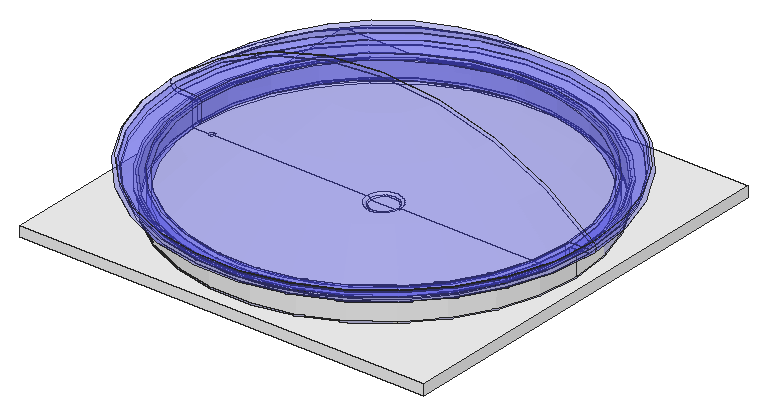
Revit family "BE_50017P_de_DE", category Leuchten, Revit 2020
Family settings
  Basisbauteil = Fläche
  Bemaßung runder Anschluss = Durchmesser verwenden
  Teiletyp = Normal
  Beim Laden mit Abzugskörper schneiden = Ja
  Lichtquelle = Ja
  Gemeinsam genutzt = Nein
  Raumberechnungspunkt = Ja
Parameters (values of type "BEGA_50017P_K4")
  built-in parameter 1150104 = 12.087 (stored number, unit not read)
  Wattage = 28.1 W
  Default Elevation = 0 mm
  built-in parameter 1150113 = 1 (stored number, unit not read)
  built-in parameter 1114218 = 1 (stored number, unit not read)
  Umgebungstemperatur = "25 °C"
  URL = "https://www.bega.com/de/produkt/50017P"
  Typenkommentare = "© 2022 BEGA. Wir behalten uns das Recht vor, technische Änderungen ohne vorherige Ankündigung vorzunehmen."  # constant formula
  built-in parameter 1150134 = (empty or 0)
  built-in parameter 1150109 = 1 (stored number, unit not read)
  Strom = ""
  built-in parameter 1150110 = 1 (stored number, unit not read)
  Spannung = 239.996 V
  Sonderanfertigung = no
  Seriennummer [instance] = "Hier können Sie die eindeutige Seriennummer für das Facility Management eintragen."
  Schutzklasse = "I"
  Schutzart = ""
  Scheinlast = 0 VA
  Produktdatenblatt = "http://www.bega.de/download/Xrfa/db/50017P.db.de.pdf"
  Oberflächentemperatur = ""
  Neigungswinkel = 0.00°
  Model = "50017PK2"
  Material_17 = BEGA_Reflektor
  Material_15 = BEGA_Leuchtmedium_matt
  Material_14 = BEGA_Kunststoff_opal
  Material_11 = BEGA_Glas_opal
  Material_09 = BEGA_Glas_klar
  Material_06 = BEGA_Oberfläche_Edelstahl_gebürstet
  Material_03 = BEGA_Oberfläche_Weiss_matt
  Material_02 = BEGA_Oberfläche_Silber_matt
  Material_01 [instance] = BEGA_Oberfläche_Grafit_matt
  M_W = no
  M_G = no
  M_A = no
  Logo = 0
  built-in parameter 1114217 = 1 (stored number, unit not read)
  built-in parameter 1150139 = (empty or 0)
  built-in parameter 1150105 = 1060.2 (stored number, unit not read)
  built-in parameter 1150114 = 1 (stored number, unit not read)
  Lumens = 3655.81 lm
  built-in parameter 1150115 = 1 (stored number, unit not read)
  Leuchtenlichtstrom = "2958 lm"
  Leuchtenanzahl = ""
  Lebensdauerkriterien = "L70B50 @ 25 °C = 200000 h"
  Lastklassifizierung = Beleuchtung
  built-in parameter 1150112 = 1 (stored number, unit not read)
  Lampenlichtstrom = "3655 lm"
  Lamp = "LED 28.1 W"
  LED_Modulbezeichnung = "LED-0630/927"
  Hersteller = "BEGA"  # constant formula
  Halbstreuwinkel = ""
  Gewicht = ""
  Gebrauchslageneinschränkung [instance] = ""
  Frequenz = "0/50-60 Hz"
  Farbwiedergabeindex = "CRI > 90"
  Farbtemperaturverschiebung bei Dämpfen der Lampe = <Keine Auswahl>
  Farbtemperatur = "2700 K"
  Color Filter = 16777215
  built-in parameter 1150133 = 10 (stored number, unit not read)
  Energieeffizienzklasse = "LED A++ - A"
  built-in parameter 1150137 = (empty or 0)
  built-in parameter 1150132 = (empty or 0)
  ENEC = "ja"
  Dimmbar [instance] = ""
  Photometric Web File = "BE_50017PK2.IES"
  CE_Konformität = "ja"
  Bestellnummer = "50017PK2"
  Beschreibung_Sonderanfertigung = "Hier können Sie Informationen zur Sonderanfertigung eintragen."
  Beschreibung = "Decken- und Wandleuchte"
  built-in parameter 1150106 = 10.602 (stored number, unit not read)
  Befestigungsbohrung = "Ø 6 mm"
  Befestigungsabstand = "340 mm"
  Ballwurfsicher = ""
  BEGA_Intern_aus = yes
  BEGA_Intern_an = yes
  BEGA_Intern_Konstruktion = yes
  BEGA_Intern = yes
  BEGA_IES = yes
  BEGA_Dummy = no
  Anschlussleitung = ""
  Anschlussleistung [instance] = "32.2 W"
  Anschlusskasten = ""
  built-in parameter 1150107 = 2700 (stored number, unit not read)
  built-in parameter 1150102 = (empty or 0)
  built-in parameter 1150138 = (empty or 0)
  Aktualisierung = "2020-07-27T04:00:12"
  Abstand_zur_angestrahlten_Fläche [instance] = ""
  AC/DC = "AC/DC"
Types (3, lengths in mm): name | built-in parameter 1150104 | built-in parameter 1150134 | Model | built-in parameter 1150105 | Lumens | Leuchtenlichtstrom | Lampenlichtstrom | LED_Modulbezeichnung | Farbtemperatur | Photometric Web File | Bestellnummer | built-in parameter 1150106 | built-in parameter 1150107
  BEGA_50017P_K4 | 12.626 (stored number, unit not read) | 12 | "50017PK4" | 1107.5 (stored number, unit not read) | 3818.79 lm | "3626 lm" | "4480 lm" | "LED-0630/940" | "4000 K" | "BE_50017PK4.IES" | "50017PK4" | 11.075 (stored number, unit not read) | 4000 (stored number, unit not read)
  BEGA_50017P_K3 | 12.18 (stored number, unit not read) | (empty or 0) | "50017PK3" | 1068.4 (stored number, unit not read) | 3683.91 lm | "3484 lm" | "4305 lm" | "LED-0630/930" | "3000 K" | "BE_50017PK3.IES" | "50017PK3" | 10.684 (stored number, unit not read) | 3000 (stored number, unit not read)
  BEGA_50017P_K27 | 12.626 (stored number, unit not read) | 12 | "50017PK27" | 1107.5 (stored number, unit not read) | 3818.79 lm | "3371 lm" | "4165 lm" | "LED-0630/927" | "2700 K" | "BE_50017PK27.IES" | "50017PK27" | 11.075 (stored number, unit not read) | 4000 (stored number, unit not read)
Reference planes
  plane 1 "Mitte (Vorne/Hinten)": y = 0
  plane 2: z = 0
  plane 3 "Mitte (Links/Rechts)": x = 0
  plane 4 "Links": x = -210.263
  plane 5 "Rechts": x = 210.263
  plane 6 "Unten": y = -210.3
  plane 7 "Oben": y = 210.3
  plane 8 "Vorne": z = 117.8
  plane 9 "Hinten": z = 0
Forms (mm)
  Extrusion 1, solid, material "BEGA_Platte_Weiss"
    sketch origin (0, -1119.2, 0) x (1, 0, 0) y (0, 1, 0)
      loop
        line (-200, 1319.2) -> (-200, 919.2) -> (200, 919.2) -> (200, 1319.2) -> (-200, 1319.2)
    from 0 to -10
  Extrusion 2, solid, material "BEGA_Dummy_matt", visible <- "BEGA_Dummy"
    sketch origin (77.149, -76.023, 0) x (1, 0, 0) y (0, 1, 0)
      loop
        circle (-77.149, 76.023) r 210
    from 0 to 117.8
Dimensions and locks
  plane 1 "Mitte (Vorne/Hinten)" to Extrusion 1 = 200 mm
  aligned and locked: plane 2 to Extrusion 1
  aligned and locked: level to Extrusion 1
Nested families
  nested 1: "BE_50017P" at (0, 0, 0) x (0, -1, 0) z (0, 0, 1), type "BE_50017P"
Connectors
  electrical at (0, 0, 0), driven by "Lastklassifizierung", driven by "Spannung", driven by "Scheinlast"
    settings: index 1, voltage 239.996 V, apparent load 0 VA, apparent load phase1 0 VA, apparent load phase2 0 VA, apparent load phase3 0 VA, power factor 1, load classification "Beleuchtung", number of poles 1, system type 31, power factor state 1, is connector primary yes, connector utility no, sub classification motor no, connector description ""
Definition of nested family "BE_50017P"
  Parameters (values of type "BE_50017P")
    Default Elevation = 1 mm
    URL = "http://www.bega.de/de/produkt"
    Type Comments = "© 2015 BEGA. Wir behalten uns das Recht vor, technische Änderungen ohne vorherige Ankündigung vorzunehmen. "  # constant formula
    Type Image = (empty or 0)
    Neigungswinkel_um_Z2 = 0.00°
    Neigungswinkel_um_Z1 = 0.00°
    Neigungswinkel_um_Y2 = 0.00°
    Neigungswinkel_um_Y1 = 0.00°
    Neigungswinkel_um_X2 = 0.00°
    Neigungswinkel_um_X1 = 0.00°
    Material_17 = none
    Material_15 = none
    Material_14 = none
    Material_11 = none
    Material_09 = none
    Material_06 = none
    Material_05 = none
    Material_03 = none
    Material_02 = none
    Material_01 = none
    M_W = yes
    M_G = yes
    M_A = yes
    Länge_Platte = 600 mm  # constant formula
    Höhe_Platte = -10 mm  # constant formula
    Manufacturer = "BEGA"  # constant formula
    Drehwinkel_um_Z2 = 0.00°
    Drehwinkel_um_Z1 = 0.00°
    Breite_Platte = 600 mm  # constant formula
  Reference planes
    plane 1 "Mitte (Oben/Unten)": y = 0
    plane 2: z = 0
    plane 3 "Mitte (Links/Rechts)": x = 0
    plane 4: y = 210.263
    plane 5: z = 117.8
    plane 6: y = -210.263
    plane 7: x = -210.3
    plane 8: x = 210.3
  Forms (mm)
    Extrusion 1, solid, detail levels medium
      sketch origin (0, 0, 0) x (1, 0, 0) y (0, 1, 0)
        loop
          line (-300, 300) -> (-300, -300) -> (300, -300) -> (300, 300) -> (-300, 300)
      from 0 to -10 <- "Höhe_Platte"
    Revolve 2, solid, material <- "Material_03", detail levels medium+fine
      sketch origin (0, 0, 0) x (0, 1, 0) y (0, 0, 1)
        loop
          line (188.667, 3.3) -> (16.416, 3.3)
          arc (16.416, 3.3) -> (15.106, 2.926) -> (14.186, 1.92) r 2.5
          arc (14.186, 1.92) -> (13.635, 1.322) -> (12.852, 1.1) r 1.5
          line (12.852, 1.1) -> (0.002, 1.1) -> (0.002, 0.1) -> (13.084, 0.1)
          arc (13.084, 0.1) -> (14.394, 0.474) -> (15.313, 1.48) r 2.5
          arc (15.313, 1.48) -> (15.866, 2.078) -> (16.65, 2.3) r 1.5
          line (16.65, 2.3) -> (188.667, 2.3)
          arc (188.667, 2.3) -> (190.064, 2.868) -> (190.667, 4.25) r 2
          line (190.667, 4.25) -> (191.038, 25.509)
          arc (191.038, 25.509) -> (191.277, 26.071) -> (191.842, 26.3) r 0.8
          line (191.842, 26.3) -> (194, 26.3) -> (194, 27.3) -> (191.844, 27.3)
          arc (191.844, 27.3) -> (190.578, 26.786) -> (190.038, 25.531) r 1.8
          line (190.038, 25.531) -> (189.667, 4.275)
          arc (189.667, 4.275) -> (189.365, 3.584) -> (188.667, 3.3) r 1
        axis (0, 0.1) -> (0, 27.3)
      angle from 0 to 360
    Extrusion 3, void
      sketch origin (0, 0, 0) x (1, 0, 0) y (0, 1, 0)
        loop
          circle (163, 18) r 8.5
        loop
          circle (0, -170) r 2.75
        loop
          circle (163, -18) r 8.5
        loop
          circle (0, 170) r 2.75
      from 1.096 to 7.205
    Revolve 4, solid, material <- "Material_14", detail levels medium+fine
      sketch origin (0, 0, 0) x (0, 1, 0) y (0, 0, 1)
        loop
          line (0, 117.8) -> (0, 113.8)
          arc (0, 113.8) -> (109.34, 94.281) -> (205.171, 38.134) r 315.999
          arc (205.171, 38.134) -> (206.112, 34.88) -> (203.42, 32.823) r 3
          line (203.42, 32.823) -> (183.692, 31.789)
          arc (183.692, 31.789) -> (181.07, 30.581) -> (180, 27.899) r 3.895
          line (180, 27.899) -> (180, 10.3) -> (184, 10.3) -> (184, 26.851)
          arc (184, 26.851) -> (184.275, 27.539) -> (184.948, 27.85) r 1
          line (184.948, 27.85) -> (203.629, 28.829)
          arc (203.629, 28.829) -> (209.896, 33.581) -> (207.79, 41.158) r 7
          arc (207.79, 41.158) -> (110.737, 98.029) -> (0, 117.8) r 319.999
        axis (0, 117.8) -> (0, 10.3)
      angle from 0 to 360
    Revolve 5, solid, material <- "Material_03", detail levels medium+fine
      sketch origin (87.5, 0, 0) x (0, 1, 0) y (0, 0, 1)
        loop
          line (151.554, 0) -> (151.554, 2.614) -> (145.865, 2.614)
          arc (145.865, 2.614) -> (148.424, 0.685) -> (151.554, 0) r 7.5
        axis (151.554, 0) -> (151.554, 2.614)
      angle from 0 to 360
    Revolve 6, solid, material <- "Material_03", detail levels medium+fine
      sketch origin (-43.752, -75.774, 0) x (0.866025, -0.5, 0) y (0, 0, 1)
        loop
          line (151.554, 0) -> (151.554, 2.614) -> (145.865, 2.614)
          arc (145.865, 2.614) -> (148.424, 0.685) -> (151.554, 0) r 7.5
        axis (151.554, 0) -> (151.554, 2.614)
      angle from 0 to 360
    Revolve 7, solid, material <- "Material_03", detail levels medium+fine
      sketch origin (-43.748, 75.781, 0) x (-0.866025, -0.5, 0) y (0, 0, 1)
        loop
          line (151.554, 0) -> (151.554, 2.614) -> (145.865, 2.614)
          arc (145.865, 2.614) -> (148.424, 0.685) -> (151.554, 0) r 7.5
        axis (151.554, 0) -> (151.554, 2.614)
      angle from 0 to 360
  Cuts and joins
    Extrusion 3 cuts Revolve 2
    joined: Revolve 2, Revolve 5, Revolve 6, Revolve 7
  Dimensions and locks
    equal spacing: Extrusion 1 sketch curve, plane 3 "Mitte (Links/Rechts)", Extrusion 1 sketch curve
    equal spacing: Extrusion 1 sketch curve, plane 1 "Mitte (Oben/Unten)", Extrusion 1 sketch curve
    "Länge_Platte": Extrusion 1 sketch curve to Extrusion 1 sketch curve
    "Breite_Platte": Extrusion 1 sketch curve to Extrusion 1 sketch curve
    aligned and locked: Extrusion 1 to plane 2
    aligned and locked: level to Extrusion 1
  Automatic sketch dimensions
    Revolve 2 sketch curve to Revolve 2 sketch curve = 0 mm  (x11)
    Revolve 2 sketch curve to plane 1 "Mitte (Oben/Unten)" = 0 mm
    Revolve 2 sketch curve to plane 1 "Mitte (Oben/Unten)" = 0.002 mm
    level to Revolve 2 sketch curve = 2.6 mm
    Revolve 2 sketch curve to plane 1 "Mitte (Oben/Unten)" = 12.849 mm
    Revolve 2 sketch curve to Revolve 2 sketch curve = 0.003 mm
    Revolve 2 sketch curve to Revolve 2 sketch curve = 0.229 mm  (x2)
    level to Revolve 2 sketch curve = 0.1 mm
    Revolve 2 sketch curve to Revolve 2 sketch curve = 0.232 mm
    Revolve 2 sketch curve to Revolve 2 sketch curve = 3.338 mm
    level to Revolve 2 sketch curve = 0.8 mm
    Revolve 2 sketch curve to Revolve 2 sketch curve = 0.005 mm
    level to Revolve 2 sketch curve = 4.3 mm
    level to Revolve 2 sketch curve = 4.275 mm
    Revolve 2 sketch curve to Revolve 2 sketch curve = 1 mm  (x6)
    level to Revolve 2 sketch curve = 4.25 mm
    Revolve 2 sketch curve to Revolve 2 sketch curve = 0.8 mm
    Revolve 2 sketch curve to Revolve 2 sketch curve = 0.004 mm
    Revolve 2 sketch curve to Revolve 2 sketch curve = 0.002 mm
    Revolve 2 sketch curve to Revolve 2 sketch curve = 2.156 mm
    Revolve 2 sketch curve to Revolve 2 sketch curve = 21.25 mm
    Revolve 2 sketch curve to Revolve 2 sketch curve = 0.009 mm
    Revolve 2 sketch curve to Revolve 2 sketch curve = 0.025 mm
    Revolve 2 sketch curve to Revolve 2 sketch curve = 6.2 mm
    Revolve 5 sketch curve to Revolve 5 sketch curve = 5.69 mm
    Revolve 5 sketch curve to Revolve 5 sketch curve = 0 mm  (x3)
    Revolve 5 sketch curve to Revolve 5 sketch curve = 1.154 mm
    Revolve 5 sketch curve to Revolve 5 sketch curve = 2.614 mm
    Revolve 6 sketch curve to Revolve 6 sketch curve = 5.69 mm
    Revolve 6 sketch curve to Revolve 6 sketch curve = 0 mm  (x3)
    Revolve 6 sketch curve to Revolve 6 sketch curve = 1.154 mm
    Revolve 6 sketch curve to Revolve 6 sketch curve = 2.614 mm
    Revolve 7 sketch curve to Revolve 7 sketch curve = 5.69 mm
    Revolve 7 sketch curve to Revolve 7 sketch curve = 0 mm  (x3)
    Revolve 7 sketch curve to Revolve 7 sketch curve = 1.154 mm
    Revolve 7 sketch curve to Revolve 7 sketch curve = 2.614 mm
    Revolve 5 sketch curve to level = 0 mm
    Revolve 6 sketch curve to level = 0 mm
    level to Revolve 7 sketch curve = 0 mm
    Extrusion 3 sketch curve to plane 3 "Mitte (Links/Rechts)" = 0 mm  (x2)
    plane 1 "Mitte (Oben/Unten)" to Extrusion 3 sketch curve = 18 mm
    Extrusion 3 sketch curve to plane 1 "Mitte (Oben/Unten)" = 18 mm
    Revolve 4 sketch curve to Revolve 4 sketch curve = 0 mm  (x9)
    Revolve 4 sketch curve to plane 1 "Mitte (Oben/Unten)" = 0 mm  (x2)
    plane 1 "Mitte (Oben/Unten)" to Revolve 4 sketch curve = 0 mm
    Revolve 4 sketch curve to plane 1 "Mitte (Oben/Unten)" = 0.001 mm
    Revolve 4 sketch curve to Revolve 4 sketch curve = 3.692 mm
    Revolve 4 sketch curve to Revolve 4 sketch curve = 0.204 mm
    Revolve 4 sketch curve to Revolve 4 sketch curve = 4 mm  (x2)
    Revolve 4 sketch curve to Revolve 4 sketch curve = 1 mm
    Revolve 4 sketch curve to Revolve 4 sketch curve = 19.572 mm
    Revolve 4 sketch curve to level = 202.199 mm
    Revolve 4 sketch curve to Revolve 4 sketch curve = 0.001 mm
    level to Revolve 4 sketch curve = 10.3 mm
    Revolve 4 sketch curve to Revolve 4 sketch curve = 16.551 mm
    Revolve 4 sketch curve to Revolve 4 sketch curve = 1.048 mm
    Revolve 4 sketch curve to Revolve 4 sketch curve = 4.03 mm
    Revolve 4 sketch curve to Revolve 4 sketch curve = 0.052 mm
    Revolve 4 sketch curve to Revolve 4 sketch curve = 0.157 mm
    Revolve 4 sketch curve to Revolve 4 sketch curve = 0.209 mm
    Revolve 4 sketch curve to Revolve 4 sketch curve = 1.908 mm
    Revolve 4 sketch curve to Revolve 4 sketch curve = 2.619 mm
    Revolve 2 sketch curve to Revolve 2 sketch curve = 172.018 mm
    Revolve 2 sketch curve to Revolve 2 sketch curve = 0.371 mm
    Extrusion 3 sketch curve to plane 1 "Mitte (Oben/Unten)" = 170 mm
    Revolve 4 sketch curve to plane 1 "Mitte (Oben/Unten)" = 180 mm
    Revolve 5 sketch curve to plane 1 "Mitte (Oben/Unten)" = 145.865 mm
    plane 1 "Mitte (Oben/Unten)" to Extrusion 3 sketch curve = 170 mm
    level to Revolve 4 sketch curve = 113.8 mm
    Revolve 4 sketch curve to Revolve 4 sketch curve = 45.47 mm
    plane 3 "Mitte (Links/Rechts)" to Extrusion 3 sketch curve = 163 mm
    Extrusion 3 sketch curve to Extrusion 3 sketch curve = 0 mm
    radius of Extrusion 3 sketch curve = 8.5 mm  (x2)
    radius of Extrusion 3 sketch curve = 2.75 mm  (x2)
